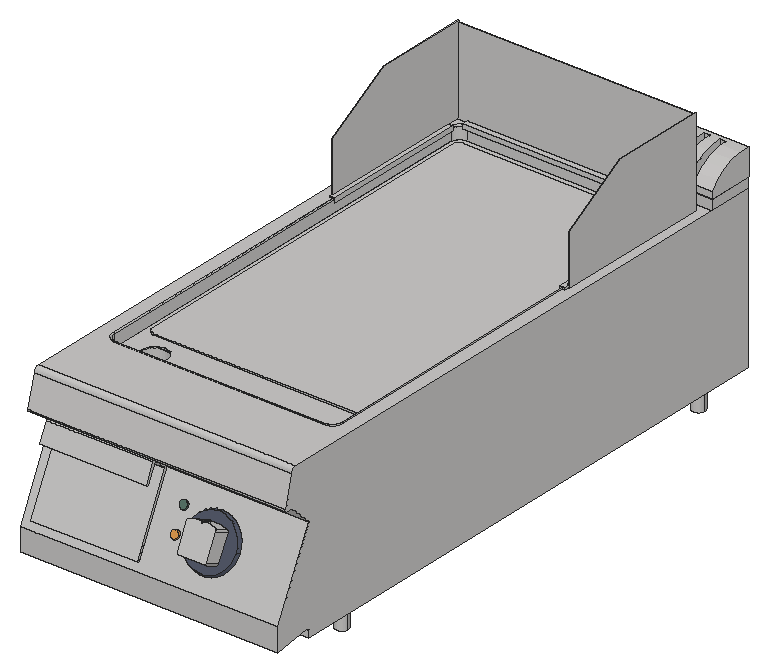
Revit family "QF_ZANUSSI_392072_Z9FTEDCS00", category Specialty Equipment, Revit 2018
Family settings
  Round Connector Dimension = Use Diameter
  Part Type = Normal
  Work Plane-Based = No
  Always vertical = Yes
  Cut with Voids When Loaded = No
  Shared = No
  Room Calculation Point = No
Parameters
  Width = 400 mm  # constant formula
  Weight in Pounds = 55  # constant formula
  Weight = 0.00 kg
  Watts = 0 W
  Volts = 400 V  # constant formula
  URL Manufacturer = "http://www.zanussiprofessional.com"
  URL Cutsheet = "www.electrolux.com"
  URL = "http://www.zanussiprofessional.com"
  Type Mark [instance] = ""
  Steam Supply Size = 0"
  Steam Supply Minimum Pressure = 0.00 psi
  Steam Supply Maximum Pressure = 0.00 psi
  Steam Pounds per Hour = 0
  Status [instance] = ""
  Specification by User [instance] = ""
  Specification by Manufacturer = ""
  Show Logo [instance] = yes
  Show Clearance [instance] = yes
  Serial Number = ""
  Seismic Rating = ""
  SMACNA No = ""
  Revision Code [instance] = ""
  Refrigeration Suction Line Size = 0"
  Refrigeration Liquid Line Size = 0"
  Refrigerant Compressor Remote = yes
  Phase = 3
  Omniclass Number and Title = ""
  Number of Poles [instance] = 1
  NAFEM Spec ID Number = ""
  Model = "Z9FTEDCS00"
  Min Ckt Ampacity = 0 A
  Max Overcurrent Protection = 0 A
  Masterspec = ""
  Manufacturer = "Zanussi"
  Length Actual = 400 mm  # constant formula
  Item Number [instance] = "392072"
  Installed By [instance] = ""
  Identify Quantity as Lot [instance] = yes
  Hot Water Size = 0"
  Height Actual = 250 mm  # constant formula
  HP = "10.1 HP"
  Gas Size = 0"
  Gas KW = 0
  Gas Input Pressure = 0.0 Btu/h
  Furnished By [instance] = ""
  Foodservice Equipment Identifier [instance] = yes
  FL Amps = if(Phase = 3, Watts / (Volts * 1.73), Watts / Volts)  # 0 A
  Electrical Remarks [instance] = "400 V/3N ph/50/60 Hz"  # constant formula
  Electric Connection Type [instance] = ""
  Elec Conn RI Height [instance] = 0 mm
  Elec Conn Connection Height [instance] = 0 mm
  Direct Waste Size = 0"
  Description = "EL.FRYTOP CHR.SMOOTH SLOPED PLATE 400 MM"
  Depth Actual = 900 mm  # constant formula
  Depth = 915 mm  # constant formula
  Cycle [instance] = if([60 Hertz Option], 60 Hz, 50 Hz)  # 60 Hz
  Conn Plug = ""
  Conn Conduit = yes
  Condensate Return Size = 0"
  Compressed Air Volume = 0 GPM
  Compressed Air Size = 0"
  Compressed Air Pressure = 0.00 psi
  Cold Water Size = 0"
  CSI MasterFormat = ""
  CSI Master Format = ""
  Apparent Power = if(Phase = 3, Volts * FL Amps * 1.73, Volts * FL Amps)  # 0 VA
  Accessory = yes
  60 Hertz Option [instance] = not([50 Hertz Option])  # yes
  50 Hertz Option [instance] = no
Reference planes
  plane 1 "BACK": y = 0
  plane 2: z = 0
  plane 3 "LEFT": x = 0
  plane 4 "RIGHT": x = 400
  plane 5 "FRONT": y = -915
  plane 6 "TOP": z = 274
  plane 7 "Center Y": x = 200
  plane 8 "Center X": y = -457.5
  plane 9: y = -1045
  plane 10: z = 24
  plane 11: z = 290
  plane 12: z = 410
  plane 13: x = 11
  plane 14: x = 389
Forms (mm)
  Extrusion 1, solid, material "QF_Finishes_Stainless Steel"
    sketch origin (0, 0, 0) x (0, 1, 0) y (0, 0, 1)
      loop
        line (0, 24) -> (0, 274) -> (-879.358, 274)
        arc (-879.358, 274) -> (-884.643, 271.811) -> (-886.833, 266.526) r 7.474
        line (-886.833, 266.526) -> (-899.884, 221.011)
        arc (-899.884, 221.011) -> (-899.396, 218.379) -> (-897, 217.184) r 3
        line (-897, 217.184) -> (-886.802, 217.184) -> (-854.982, 185.364) -> (-915, 64.508) -> (-915, 29.508) -> (-858.645, 37.428)
        arc (-858.645, 37.428) -> (-856.101, 36.674) -> (-855, 34.259) r 3.2
        line (-855, 34.259) -> (-855, 24) -> (0, 24)
    from 0 to 400
  Extrusion 2, solid, material "QF_Finishes_Stainless Steel"
    sketch origin (0, -1, 0) x (1, 0, 0) y (0, 1, 0)
      loop
        circle (11, -82) r 9.525
      loop
        circle (11, -775) r 9.525
      loop
        circle (389, -82) r 9.525
      loop
        circle (389, -775) r 9.525
    from 0 to 24
  Extrusion 3, solid, material "QF_Finishes_Stainless Steel"
    sketch origin (0, 0, 0.362) x (0, 1, 0) y (0, 0, 1)
      loop
        line (0, 289.638) -> (0, 331.354)
        arc (0, 331.354) -> (-38.768, 324.268) -> (-69.85, 300.038) r 82.671
        line (-69.85, 300.038) -> (-69.85, 289.638) -> (0, 289.638)
    from 0 to 400.05
  Extrusion 4, void
    sketch origin (0, 0, 275) x (0, -1, 0) y (1, 0, 0)
      loop
        line (6.761, 29.703) -> (63.911, 29.703) -> (63.911, 38.999) -> (6.761, 38.999) -> (6.761, 29.703)
      loop
        line (63.911, 64.487) -> (6.761, 64.487) -> (6.761, 55.191) -> (63.911, 55.191) -> (63.911, 64.487)
      loop
        line (63.911, 89.975) -> (6.761, 89.975) -> (6.761, 80.68) -> (63.911, 80.68) -> (63.911, 89.975)
      loop
        line (63.911, 115.464) -> (6.761, 115.464) -> (6.761, 106.168) -> (63.911, 106.168) -> (63.911, 115.464)
      loop
        line (63.911, 140.952) -> (6.761, 140.952) -> (6.761, 131.656) -> (63.911, 131.656) -> (63.911, 140.952)
      loop
        line (63.911, 166.44) -> (6.761, 166.44) -> (6.761, 157.145) -> (63.911, 157.145) -> (63.911, 166.44)
      loop
        line (63.911, 191.929) -> (6.761, 191.929) -> (6.761, 182.633) -> (63.911, 182.633) -> (63.911, 191.929)
      loop
        line (63.911, 217.417) -> (6.761, 217.417) -> (6.761, 208.121) -> (63.911, 208.121) -> (63.911, 217.417)
      loop
        line (63.911, 242.905) -> (6.761, 242.905) -> (6.761, 233.61) -> (63.911, 233.61) -> (63.911, 242.905)
      loop
        line (63.911, 268.394) -> (6.761, 268.394) -> (6.761, 259.098) -> (63.911, 259.098) -> (63.911, 268.394)
      loop
        line (63.911, 293.882) -> (6.761, 293.882) -> (6.761, 284.586) -> (63.911, 284.586) -> (63.911, 293.882)
      loop
        line (63.911, 319.37) -> (6.761, 319.37) -> (6.761, 310.075) -> (63.911, 310.075) -> (63.911, 319.37)
      loop
        line (63.911, 344.859) -> (6.761, 344.859) -> (6.761, 335.563) -> (63.911, 335.563) -> (63.911, 344.859)
      loop
        line (63.911, 370.347) -> (6.761, 370.347) -> (6.761, 361.051) -> (63.911, 361.051) -> (63.911, 370.347)
    from 25.4 to 63.5
  Extrusion 5, solid, material "QF_Finishes_Stainless Steel"
    sketch origin (0, 0, 274) x (0, -1, 0) y (1, 0, 0)
      loop
        line (69.85, 0) -> (69.85, 400) -> (0, 400) -> (0, 0) -> (69.85, 0)
    from 0 to 15
  Extrusion 6, solid, material "QF_Finishes_Stainless Steel"
    sketch origin (635, 190.152, 274) x (0, -1, 0) y (1, 0, 0)
      loop
        line (273.542, -252.03) -> (273.542, -617.97) -> (275.13, -617.97) -> (275.13, -252.03) -> (273.542, -252.03)
    from 0 to 135
  Extrusion 7, void
    sketch origin (0, 0, 274) x (0, -1, 0) y (1, 0, 0)
      loop
        arc (92.539, 37.03) -> (96.932, 26.423) -> (107.539, 22.03) r 15
        line (107.539, 22.03) -> (762.539, 22.03)
        arc (762.539, 22.03) -> (773.145, 26.423) -> (777.539, 37.03) r 15
        line (777.539, 37.03) -> (777.539, 362.97)
        arc (777.539, 362.97) -> (773.145, 373.577) -> (762.539, 377.97) r 15
        line (762.539, 377.97) -> (107.539, 377.97)
        arc (107.539, 377.97) -> (96.932, 373.577) -> (92.539, 362.97) r 15
        line (92.539, 362.97) -> (92.539, 37.03)
    from 0 to -21.588
  Sweep 8, solid, material "QF_Finishes_Stainless Steel"
    path origin (0, 0, 0) x (1, 0, 0) y (0, 1, 0)
      loop
        line (22.03, -107.539) -> (22.03, -762.539)
        arc (22.03, -762.539) -> (26.423, -773.145) -> (37.03, -777.539) r 15
        line (37.03, -777.539) -> (362.97, -777.539)
        arc (362.97, -777.539) -> (373.577, -773.145) -> (377.97, -762.539) r 15
        line (377.97, -762.539) -> (377.97, -107.539)
        arc (377.97, -107.539) -> (373.577, -96.932) -> (362.97, -92.539) r 15
        line (362.97, -92.539) -> (37.03, -92.539)
        arc (37.03, -92.539) -> (26.423, -96.932) -> (22.03, -107.539) r 15
    profile origin (22.03, -435.039, 0) x (1, 0, 0) y (0, 0, 1)
      loop
        line (0, 255) -> (1.588, 255) -> (1.588, 272.855)
        arc (1.588, 272.855) -> (1.147, 274.189) -> (0, 275) r 2.242
        line (0, 275) -> (0, 255)
  Extrusion 9, solid, material "QF_Finishes_Stainless Steel"
    sketch origin (0, 0, 0) x (1, 0, 0) y (0, 0, 1)
      loop
        line (17.03, 274.856) -> (23.926, 274.856) -> (23.926, 269.856) -> (25.514, 269.856) -> (25.514, 276.444) -> (17.03, 276.444) -> (17.03, 274.856)
      loop
        line (382.97, 274.856) -> (382.97, 276.444) -> (374.486, 276.444) -> (374.486, 269.856) -> (376.074, 269.856) -> (376.074, 274.856) -> (382.97, 274.856)
    from 105.541 to 335.39
  Extrusion 10, solid, material "QF_Finishes_Stainless Steel"
    sketch origin (0, 0, 0) x (0, 1, 0) y (0, 0, 1)
      loop
        line (-94.126, 269.856) -> (-94.126, 274.856) -> (-84.978, 274.856) -> (-84.978, 276.444) -> (-95.714, 276.444) -> (-95.714, 269.856) -> (-94.126, 269.856)
    from 32.03 to 367.97
  Extrusion 11, solid, material "QF_Finishes_Stainless Steel"
    sketch origin (0, 0, 24) x (-1, 0, 0) y (0, 1, 0)
      loop
        circle (-340, -570) r 6.35
    from 0 to 5
  Extrusion 12, solid, material "QF_Clearances", visible <- "Show Clearance", detail levels coarse
    sketch origin (0, 0, 0) x (1, 0, 0) y (0, 1, 0)
      loop
        line (0, 0) -> (400, 0) -> (400, -915) -> (500, -915) -> (500, 100) -> (-100, 100) -> (-100, -915) -> (0, -915) -> (0, 0)
    from 0 to 410
  Extrusion 13, solid, material "QF_Finishes_Stainless Steel"
    sketch origin (0, 0, 0) x (0, 1, 0) y (0, 0, 1)
      loop
        line (-777.539, 254) -> (-777.539, 252.413) -> (-92.539, 252.413) -> (-92.539, 254) -> (-777.539, 254)
    from 22.03 to 377.97
  Extrusion 14, void
    sketch origin (0, 0, 0) x (1, 0, 0) y (0, 1, 0)
      loop
        circle (71.879, -743.736) r 20
    from 235.859 to 256.719
  Extrusion 15, solid, material "QF_Finishes_Stainless Steel"
    sketch origin (0, 0, 0) x (0, 1, 0) y (0, 0, 1)
      loop
        line (-83.39, 410) -> (-227.89, 410) -> (-327.89, 352.265) -> (-327.89, 274) -> (-83.39, 274) -> (-83.39, 410)
    from 15.442 to 17.03
  Extrusion 16, solid, material "QF_Finishes_Stainless Steel"
    sketch origin (400, 0, 0) x (0, 1, 0) y (0, 0, -1)
      loop
        line (-83.39, -410) -> (-83.39, -274) -> (-327.89, -274) -> (-327.89, -352.265) -> (-227.89, -410) -> (-83.39, -410)
    from 15.442 to 17.03
  Extrusion 17, solid, material "QF_Finishes_Stainless Steel"
    sketch origin (23.617, -107.539, 255) x (-1, 0, 0) y (0, 1, 0)
      loop
        arc (-18.413, -600) -> (-11.341, -597.071) -> (-8.413, -590) r 10
        line (-8.413, -590) -> (-8.413, -7.867)
        arc (-8.413, -7.867) -> (-11.341, -0.796) -> (-18.412, 2.133) r 10
        line (-18.412, 2.133) -> (-334.353, 2.133)
        arc (-334.353, 2.133) -> (-341.425, -0.796) -> (-344.353, -7.867) r 10
        line (-344.353, -7.867) -> (-344.353, -590)
        arc (-344.353, -590) -> (-341.425, -597.071) -> (-334.353, -600) r 10
        line (-334.353, -600) -> (-18.413, -600)
    from 0 to -2
  Extrusion 18, solid, material "QF_Finishes_Stainless Steel"
    sketch origin (0, -214.132, -0.464) x (0, 1, 0) y (0, 0, 1)
      loop
        line (-640.85, 185.828) -> (-659.988, 204.966)
        arc (-659.988, 204.966) -> (-664.455, 206.368) -> (-668.159, 203.504) r 5.058
        line (-668.159, 203.504) -> (-680.821, 175.994) -> (-677.937, 174.666) -> (-665.275, 202.176)
        arc (-665.275, 202.176) -> (-663.896, 203.243) -> (-662.233, 202.721) r 1.883
        line (-662.233, 202.721) -> (-644.727, 185.215) -> (-698.248, 77.444) -> (-695.339, 76.105) -> (-640.85, 185.828)
    from 15 to 180
  Extrusion 19, solid, material "QF_Finishes_Drawer Clearance", visible <- "Show Clearance", detail levels coarse
    sketch origin (0, -315.732, -0.464) x (0, 1, 0) y (0, 0, 1)
      loop
        line (-726.181, 76.105) -> (-593.739, 76.105) -> (-539.25, 185.828) -> (-558.388, 204.966)
        arc (-558.388, 204.966) -> (-560.449, 206.215) -> (-562.855, 206.368) r 5.058
        line (-562.855, 206.368) -> (-695.296, 206.368)
        arc (-695.296, 206.368) -> (-697.5, 205.39) -> (-699, 203.504) r 5.058
        line (-699, 203.504) -> (-711.662, 175.994) -> (-708.778, 174.666) -> (-696.116, 202.176)
        arc (-696.116, 202.176) -> (-694.737, 203.243) -> (-693.074, 202.721) r 1.883
        line (-693.074, 202.721) -> (-675.569, 185.215) -> (-729.089, 77.444) -> (-726.181, 76.105)
    from 15 to 180
  Blend 20, solid, material "QF_Finishes_Navy Blue"
    base sketch origin (275, -884.991, 124.936) x (1, 0, 0) y (0, 0.444781, 0.895639)
      loop
        circle (0, 0) r 42.5
    top sketch origin (275, -884.991, 124.936) x (1, 0, 0) y (0, 0.444781, 0.895639)
      loop
        circle (0, 0) r 40.5
    from 0 to 5
  Extrusion 21, solid, material "QF_Finishes_Stainless Steel"
    sketch origin (275, -884.991, 124.936) x (1, 0, 0) y (0, 0.444781, 0.895639)
      loop
        arc (-21.147, 22.789) -> (-22.494, 21.685) -> (-23, 20.019) r 2.997
        line (-23, 20.019) -> (-23, -20.019)
        arc (-23, -20.019) -> (-22.122, -22.138) -> (-20.003, -23.016) r 2.997
        line (-20.003, -23.016) -> (20.003, -23.016)
        arc (20.003, -23.016) -> (22.122, -22.138) -> (23, -20.019) r 2.997
        line (23, -20.019) -> (23, 20.019)
        arc (23, 20.019) -> (22.494, 21.685) -> (21.147, 22.789) r 2.997
        arc (21.147, 22.789) -> (0, 26.984) -> (-21.147, 22.789) r 55.4
    from 10 to 34
  Extrusion 22, solid, material "QF_Finishes_Stainless Steel"
    sketch origin (275, -884.991, 124.936) x (1, 0, 0) y (0, 0.444781, 0.895639)
      loop
        line (17.5, 17.5) -> (-17.5, 17.5) -> (-17.5, -17.5) -> (17.5, -17.5) -> (17.5, 17.5)
    from 5 to 10
  Extrusion 23, solid, material "QF_Plastic-Black-Matte"
    sketch origin (217.5, -884.991, 124.936) x (0, 0.444781, 0.895639) y (0, 0.895639, -0.444781)
      loop
        line (26.984, -34) -> (23.984, -34) -> (23.984, -35) -> (26.984, -35)
        arc (26.984, -35) -> (27.691, -34.707) -> (27.984, -34) r 1
        line (27.984, -34) -> (27.984, -19) -> (26.984, -19) -> (26.984, -34)
    from -58.5 to -56.5
  Extrusion 24, solid, material "QF_Finishes_DarkGreen"
    sketch origin (275, -871.138, 152.831) x (1, 0, 0) y (0, 0.444781, 0.895639)
      loop
        circle (-55.001, 0) r 6
    from 0 to 1.6
  Extrusion 25, solid, material "QF_Finishes_Orange"
    sketch origin (275, -888.072, 118.733) x (1, 0, 0) y (0, 0.444781, 0.895639)
      loop
        circle (-55.001, 0) r 6
    from 0 to 1.6
Cuts and joins
  Extrusion 4 cuts Extrusion 3
  Extrusion 7, Extrusion 14 cuts Extrusion 1
  Extrusion 14 cuts Extrusion 13
Lines and regions (mm)
  Split face 1
    outline origin (275, -889.469, 127.16) x (1, 0, 0) y (0, 0.444781, 0.895639)
      loop
        circle (-34, 0) r 1.5
  Split face 2
    outline origin (275, -889.469, 127.16) x (1, 0, 0) y (0, 0.444781, 0.895639)
      loop
        circle (-30.633, -14.752) r 1.5
  Split face 3
    outline origin (275, -889.469, 127.16) x (1, 0, 0) y (0, 0.444781, 0.895639)
      loop
        circle (-21.199, -26.582) r 1.5
  Split face 4
    outline origin (275, -889.469, 127.16) x (1, 0, 0) y (0, 0.444781, 0.895639)
      loop
        circle (-7.566, -33.148) r 1.5
  Split face 5
    outline origin (275, -889.469, 127.16) x (1, 0, 0) y (0, 0.444781, 0.895639)
      loop
        circle (7.566, -33.148) r 1.5
  Split face 6
    outline origin (275, -889.469, 127.16) x (1, 0, 0) y (0, 0.444781, 0.895639)
      loop
        circle (21.199, -26.582) r 1.5
  Split face 7
    outline origin (275, -889.469, 127.16) x (1, 0, 0) y (0, 0.444781, 0.895639)
      loop
        circle (30.633, -14.752) r 1.5
  Split face 8
    outline origin (275, -889.469, 127.16) x (1, 0, 0) y (0, 0.444781, 0.895639)
      loop
        circle (34, 0) r 1.5
  Split face 9
    outline origin (296.665, -886.175, 133.794) x (1, 0, 0) y (0, 0.444781, 0.895639)
      loop
        circle (-21.665, 26.582) r 1.5
  symbolic lines, style "QF_Clearances", visible <- "Show Clearance", detail levels coarse
    curve 1: line (500, -915, 0) -> (500, 100, 0)
    curve 2: line (500, 100, 0) -> (-100, 100, 0)
    curve 3: line (-100, 100, 0) -> (-100, -915, 0)
  symbolic lines, style "QF_Door-Drawer Clearances"
    curve 4: line (15, -915, 0) -> (15, -1045, 0)
    curve 5: line (15, -1045, 0) -> (180, -1045, 0)
    curve 6: line (180, -915, 0) -> (180, -1045, 0)
  symbolic lines
    curve 7: line (400, -915, 0) -> (400, 0, 0)
    curve 8: line (400, 0, 0) -> (0, 0, 0)
    curve 9: line (0, 0, 0) -> (0, -915, 0)
    curve 10: line (362.97, -777.539, 0) -> (37.03, -777.539, 0)
    curve 11: arc (37.03, -777.539, 0) -> (26.423, -773.145, 0) -> (22.03, -762.539, 0) r 15
    curve 12: line (22.03, -762.539, 0) -> (22.03, -327.89, 0)
    curve 13: arc (22.163, -105.541, 0) -> (25.387, -98.081, 0) -> (32.03, -93.397, 0) r 15
    curve 14: arc (367.97, -93.397, 0) -> (374.613, -98.081, 0) -> (377.837, -105.541, 0) r 15
    curve 15: line (377.97, -327.89, 0) -> (377.97, -762.539, 0)
    curve 16: arc (377.97, -762.539, 0) -> (373.577, -773.145, 0) -> (362.97, -777.539, 0) r 15
    curve 17: line (357.97, -707.539, 0) -> (42.03, -707.539, 0)
    curve 18: arc (42.03, -707.539, 0) -> (34.958, -704.61, 0) -> (32.03, -697.539, 0) r 10
    curve 19: line (32.03, -697.539, 0) -> (32.03, -115.406, 0)
    curve 20: arc (32.03, -115.406, 0) -> (34.958, -108.335, 0) -> (42.03, -105.406, 0) r 10
    curve 21: line (42.03, -105.406, 0) -> (357.97, -105.406, 0)
    curve 22: arc (357.97, -105.406, 0) -> (365.042, -108.335, 0) -> (367.97, -115.406, 0) r 10
    curve 23: line (367.97, -115.406, 0) -> (367.97, -697.539, 0)
    curve 24: arc (367.97, -697.539, 0) -> (365.042, -704.61, 0) -> (357.97, -707.539, 0) r 10
    curve 25: line (15.442, -83.39, 0) -> (15.442, -327.89, 0)
    curve 26: line (384.558, -83.39, 0) -> (15.442, -83.39, 0)
    curve 27: line (384.558, -327.89, 0) -> (384.558, -83.39, 0)
    curve 28: line (367.97, -95.714, 0) -> (367.97, -83.39, 0)
    curve 29: line (32.03, -95.714, 0) -> (367.97, -95.714, 0)
    curve 30: line (32.03, -83.39, 0) -> (32.03, -95.714, 0)
    curve 31: line (384.558, -105.541, 0) -> (374.486, -105.541, 0)
    curve 32: line (25.514, -327.89, 0) -> (25.514, -105.541, 0)
    curve 33: line (15.442, -327.89, 0) -> (25.514, -327.89, 0)
    curve 34: line (374.486, -105.541, 0) -> (374.486, -327.89, 0)
    curve 35: line (374.486, -327.89, 0) -> (384.558, -327.89, 0)
    curve 36: line (25.514, -105.541, 0) -> (15.442, -105.541, 0)
    curve 37: line (38.999, -6.761, 0) -> (38.999, -63.911, 0)
    curve 38: line (38.999, -63.911, 0) -> (29.703, -63.911, 0)
    curve 39: line (29.703, -63.911, 0) -> (29.703, -6.761, 0)
    curve 40: line (29.703, -6.761, 0) -> (38.999, -6.761, 0)
    curve 41: line (55.191, -63.911, 0) -> (55.191, -6.761, 0)
    curve 42: line (55.191, -6.761, 0) -> (64.487, -6.761, 0)
    curve 43: line (64.487, -6.761, 0) -> (64.487, -63.911, 0)
    curve 44: line (64.487, -63.911, 0) -> (55.191, -63.911, 0)
    curve 45: line (89.975, -6.761, 0) -> (89.975, -63.911, 0)
    curve 46: line (89.975, -63.911, 0) -> (80.68, -63.911, 0)
    curve 47: line (80.68, -63.911, 0) -> (80.68, -6.761, 0)
    curve 48: line (80.68, -6.761, 0) -> (89.975, -6.761, 0)
    curve 49: line (115.464, -6.761, 0) -> (115.464, -63.911, 0)
    curve 50: line (115.464, -63.911, 0) -> (106.168, -63.911, 0)
    curve 51: line (106.168, -63.911, 0) -> (106.168, -6.761, 0)
    curve 52: line (106.168, -6.761, 0) -> (115.464, -6.761, 0)
    curve 53: line (140.952, -6.761, 0) -> (140.952, -63.911, 0)
    curve 54: line (140.952, -63.911, 0) -> (131.656, -63.911, 0)
    curve 55: line (131.656, -63.911, 0) -> (131.656, -6.761, 0)
    curve 56: line (131.656, -6.761, 0) -> (140.952, -6.761, 0)
    curve 57: line (166.44, -6.761, 0) -> (166.44, -63.911, 0)
    curve 58: line (166.44, -63.911, 0) -> (157.145, -63.911, 0)
    curve 59: line (157.145, -63.911, 0) -> (157.145, -6.761, 0)
    curve 60: line (157.145, -6.761, 0) -> (166.44, -6.761, 0)
    curve 61: line (191.929, -6.761, 0) -> (191.929, -63.911, 0)
    curve 62: line (191.929, -63.911, 0) -> (182.633, -63.911, 0)
    curve 63: line (182.633, -63.911, 0) -> (182.633, -6.761, 0)
    curve 64: line (182.633, -6.761, 0) -> (191.929, -6.761, 0)
    curve 65: line (208.121, -63.911, 0) -> (208.121, -6.761, 0)
    curve 66: line (208.121, -6.761, 0) -> (217.417, -6.761, 0)
    curve 67: line (217.417, -6.761, 0) -> (217.417, -63.911, 0)
    curve 68: line (217.417, -63.911, 0) -> (208.121, -63.911, 0)
    curve 69: line (367.97, -83.39, 0) -> (367.97, -95.714, 0)
    curve 70: line (361.001, -6.761, 0) -> (361.001, -63.911, 0)
    curve 71: line (361.001, -63.911, 0) -> (370.297, -63.911, 0)
    curve 72: line (370.297, -63.911, 0) -> (370.297, -6.761, 0)
    curve 73: line (370.297, -6.761, 0) -> (361.001, -6.761, 0)
    curve 74: line (344.809, -63.911, 0) -> (344.809, -6.761, 0)
    curve 75: line (344.809, -6.761, 0) -> (335.513, -6.761, 0)
    curve 76: line (335.513, -6.761, 0) -> (335.513, -63.911, 0)
    curve 77: line (335.513, -63.911, 0) -> (344.809, -63.911, 0)
    curve 78: line (310.025, -6.761, 0) -> (310.025, -63.911, 0)
    curve 79: line (310.025, -63.911, 0) -> (319.32, -63.911, 0)
    curve 80: line (319.32, -63.911, 0) -> (319.32, -6.761, 0)
    curve 81: line (319.32, -6.761, 0) -> (310.025, -6.761, 0)
    curve 82: line (284.536, -6.761, 0) -> (284.536, -63.911, 0)
    curve 83: line (284.536, -63.911, 0) -> (293.832, -63.911, 0)
    curve 84: line (293.832, -63.911, 0) -> (293.832, -6.761, 0)
    curve 85: line (293.832, -6.761, 0) -> (284.536, -6.761, 0)
    curve 86: line (259.048, -6.761, 0) -> (259.048, -63.911, 0)
    curve 87: line (259.048, -63.911, 0) -> (268.344, -63.911, 0)
    curve 88: line (268.344, -63.911, 0) -> (268.344, -6.761, 0)
    curve 89: line (268.344, -6.761, 0) -> (259.048, -6.761, 0)
    curve 90: line (233.56, -6.761, 0) -> (233.56, -63.911, 0)
    curve 91: line (233.56, -63.911, 0) -> (242.855, -63.911, 0)
    curve 92: line (242.855, -63.911, 0) -> (242.855, -6.761, 0)
    curve 93: line (242.855, -6.761, 0) -> (233.56, -6.761, 0)
    curve 94: arc (51.879, -743.736, 0) -> (71.879, -723.736, 0) -> (91.879, -743.736, 0) r 20
    curve 95: arc (51.879, -743.736, 0) -> (71.879, -763.736, 0) -> (91.879, -743.736, 0) r 20
    curve 96: line (0, -69.85, 0) -> (400, -69.85, 0)
    curve 97: line (252, -900, 0) -> (252, -924.347, 0)
    curve 98: arc (252, -924.347, 0) -> (252.146, -924.811, 0) -> (252.532, -925.107, 0) r 0.809
    curve 99: arc (252.532, -925.107, 0) -> (253.72, -925.587, 0) -> (254.997, -925.68, 0) r 4.127
    curve 100: arc (252, -904.292, 0) -> (246.959, -902.458, 0) -> (242.191, -900, 0) r 42.24
    curve 101: arc (252, -906.539, 0) -> (252.502, -905.818, 0) -> (253.299, -905.448, 0) r 1.682
    curve 102: arc (253.299, -905.448, 0) -> (263.602, -903.95, 0) -> (274, -903.441, 0) r 109.079
    curve 103: line (274, -900, 0) -> (274, -905.671, 0)
    curve 104: line (274, -905.671, 0) -> (276, -905.671, 0)
    curve 105: line (276, -905.671, 0) -> (276, -900, 0)
    curve 106: line (298, -900, 0) -> (298, -924.347, 0)
    curve 107: arc (298, -924.347, 0) -> (297.854, -924.811, 0) -> (297.468, -925.107, 0) r 0.809
    curve 108: arc (297.468, -925.107, 0) -> (296.28, -925.587, 0) -> (295.003, -925.68, 0) r 4.127
    curve 109: arc (298, -904.292, 0) -> (303.041, -902.458, 0) -> (307.809, -900, 0) r 42.24
    curve 110: arc (298, -906.539, 0) -> (297.498, -905.818, 0) -> (296.701, -905.448, 0) r 1.682
    curve 111: arc (296.701, -905.448, 0) -> (286.398, -903.95, 0) -> (276, -903.441, 0) r 109.079
    curve 112: line (254.997, -925.68, 0) -> (295.003, -925.68, 0)
    curve 113: line (298, -915, 276.225) -> (400.05, -915, 276.225)
    curve 114: line (0, -900, 276.225) -> (400.05, -900, 276.225)
    curve 115: line (0, -915, 276.225) -> (252, -915, 276.225)
    curve 116: line (15, -915, 276.225) -> (15, -900, 276.225)
    curve 117: line (180, -915, 276.225) -> (180, -900, 276.225)
Dimensions and locks
  equal spacing: plane 3 "LEFT", plane 7 "Center Y", plane 4 "RIGHT"
  "Width": plane 3 "LEFT" to plane 4 "RIGHT"
  equal spacing: plane 5 "FRONT", plane 8 "Center X", plane 1 "BACK"
  "Depth": plane 5 "FRONT" to plane 1 "BACK"
  plane 6 "TOP" to level = 274 mm
  plane 1 "BACK" to plane 9 = 1045 mm  (x2)
  plane 10 to level = 24 mm  (x2)
  plane 11 to plane 10 = 266 mm
  plane 6 "TOP" to plane 10 = 250 mm  (x2)
  plane 12 to level = 410 mm  (x2)
  plane 12 to plane 10 = 386 mm
  plane 13 to plane 3 "LEFT" = 11 mm
  locked: plane 14 to plane 4 "RIGHT" at 11
  plane 1 "BACK" to plane 5 "FRONT" = 915 mm
  Extrusion 11 to plane 10 = 5 mm
  plane 1 "BACK" to Extrusion 11 = 570 mm
  plane 1 "BACK" to Extrusion 2 to Extrusion 2 to plane 5 "FRONT" = 83 mm, 693 mm, 139 mm
  plane 13 to plane 14 = 378 mm
  plane 1 "BACK" to curve 2 = 100 mm
  plane 4 "RIGHT" to curve 1 = 100 mm
  curve 3 to plane 3 "LEFT" = 100 mm
  Extrusion 11 sketch curve to plane 4 "RIGHT" = 60 mm
  aligned and locked: level to plane 2
  aligned and locked: Extrusion 1 to plane 4 "RIGHT"
Automatic sketch dimensions
  Extrusion 1 sketch curve to plane 5 "FRONT" = 0 mm
  Extrusion 1 sketch curve to plane 6 "TOP" = 0 mm
  Extrusion 1 sketch curve to plane 10 = 0 mm
  Extrusion 1 sketch curve to plane 1 "BACK" = 0 mm
  Extrusion 1 sketch curve to plane 5 "FRONT" = 15.116 mm
  Extrusion 1 sketch curve to Extrusion 1 sketch curve = 2.884 mm
  Extrusion 1 sketch curve to plane 6 "TOP" = 7.474 mm
  Extrusion 1 sketch curve to plane 5 "FRONT" = 28.167 mm
  Extrusion 1 sketch curve to Extrusion 1 sketch curve = 10.198 mm
  plane 10 to Extrusion 1 sketch curve = 13.428 mm
  Extrusion 1 sketch curve to plane 5 "FRONT" = 56.355 mm
  Extrusion 1 sketch curve to Extrusion 1 sketch curve = 0.445 mm
  Extrusion 1 sketch curve to Extrusion 1 sketch curve = 3.2 mm
  Extrusion 1 sketch curve to Extrusion 1 sketch curve = 31.82 mm  (x2)
  plane 10 to Extrusion 1 sketch curve = 5.508 mm
  Extrusion 1 sketch curve to Extrusion 1 sketch curve = 35 mm
  Extrusion 1 sketch curve to Extrusion 1 sketch curve = 81.162 mm
  Extrusion 1 sketch curve to Extrusion 1 sketch curve = 3 mm
  Extrusion 2 sketch curve to plane 13 = 0 mm  (x2)
  Extrusion 2 sketch curve to plane 14 = 0 mm  (x2)
  Extrusion 2 sketch curve to plane 5 "FRONT" = 139 mm  (x2)
  plane 1 "BACK" to Extrusion 2 sketch curve = 83 mm  (x2)
  Extrusion 3 sketch curve to plane 11 = 0 mm
  Extrusion 3 sketch curve to plane 1 "BACK" = 0 mm
  plane 1 "BACK" to Extrusion 3 sketch curve = 4.947 mm
  plane 11 to Extrusion 3 sketch curve = 10.4 mm
  plane 1 "BACK" to Extrusion 3 sketch curve = 69.85 mm
  Extrusion 3 sketch curve to plane 6 "TOP" = 24.807 mm
  plane 1 "BACK" to Extrusion 4 sketch curve = 6.761 mm  (x14)
  plane 7 "Center Y" to Extrusion 4 sketch curve = 17.417 mm
  Extrusion 4 sketch curve to Extrusion 4 sketch curve = 57.15 mm
  Extrusion 4 sketch curve to plane 7 "Center Y" = 8.071 mm
  Extrusion 4 sketch curve to Extrusion 4 sketch curve = 0 mm  (x13)
  Extrusion 4 sketch curve to Extrusion 4 sketch curve = 9.296 mm  (x13)
  Extrusion 4 sketch curve to Extrusion 4 sketch curve = 16.193 mm  (x12)
  plane 7 "Center Y" to Extrusion 4 sketch curve = 8.121 mm
  plane 13 to Extrusion 6 sketch curve = 6.03 mm
  plane 1 "BACK" to Extrusion 6 sketch curve = 83.39 mm
  Extrusion 6 sketch curve to Extrusion 6 sketch curve = 1.588 mm
  plane 14 to Extrusion 6 sketch curve = 6.03 mm
  plane 13 to Extrusion 7 sketch curve = 26.03 mm
  plane 1 "BACK" to Extrusion 7 sketch curve = 92.539 mm
  plane 14 to Extrusion 7 sketch curve = 11.03 mm
  Extrusion 7 sketch curve to Extrusion 7 sketch curve = 15 mm  (x3)
  Extrusion 7 sketch curve to plane 5 "FRONT" = 152.461 mm  (x2)
  plane 13 to Sweep 8 sketch curve = 11.03 mm
  Sweep 8 sketch curve to Sweep 8 sketch curve = 15 mm  (x2)
  plane 14 to Sweep 8 sketch curve = 26.03 mm  (x2)
  plane 14 to Sweep 8 sketch curve = 11.03 mm
  Sweep 8 sketch curve to plane 5 "FRONT" = 137.461 mm
  plane 1 "BACK" to Sweep 8 sketch curve = 107.539 mm
  profile plane to Sweep 8 sketch curve = 0 mm
  profile plane to Sweep 8 sketch curve = 0.655 mm
  Sweep 8 sketch curve to profile plane = 1.588 mm
  level to Sweep 8 sketch curve = 255 mm
  Sweep 8 sketch curve to Sweep 8 sketch curve = 17.855 mm
  plane 6 "TOP" to Extrusion 9 sketch curve = 0.856 mm  (x2)
  plane 13 to Extrusion 9 sketch curve = 6.03 mm
  Extrusion 9 sketch curve to plane 6 "TOP" = 4.144 mm  (x2)
  Extrusion 9 sketch curve to Extrusion 9 sketch curve = 6.896 mm
  Extrusion 9 sketch curve to Extrusion 9 sketch curve = 1.588 mm  (x3)
  plane 14 to Extrusion 9 sketch curve = 14.514 mm
  plane 6 "TOP" to Extrusion 9 sketch curve = 2.444 mm
  plane 14 to Extrusion 9 sketch curve = 6.03 mm
  plane 6 "TOP" to Extrusion 10 sketch curve = 2.444 mm
  plane 1 "BACK" to Extrusion 10 sketch curve = 95.714 mm
  Extrusion 10 sketch curve to Extrusion 10 sketch curve = 1.588 mm
  Extrusion 10 sketch curve to Extrusion 10 sketch curve = 9.149 mm
  plane 6 "TOP" to Extrusion 10 sketch curve = 0.856 mm
  Extrusion 10 sketch curve to plane 6 "TOP" = 4.144 mm
  Extrusion 13 sketch curve to plane 6 "TOP" = 21.587 mm
  Extrusion 13 sketch curve to plane 5 "FRONT" = 137.461 mm
  plane 1 "BACK" to Extrusion 13 sketch curve = 92.539 mm
  Extrusion 13 sketch curve to Extrusion 13 sketch curve = 1.587 mm
  plane 13 to Extrusion 14 sketch curve = 60.879 mm
  Extrusion 14 sketch curve to plane 5 "FRONT" = 171.264 mm
  Extrusion 15 sketch curve to plane 6 "TOP" = 0 mm
  Extrusion 15 sketch curve to plane 12 = 0 mm
  Extrusion 15 sketch curve to plane 12 = 57.735 mm
  plane 8 "Center X" to Extrusion 15 sketch curve = 129.61 mm
  Extrusion 15 sketch curve to Extrusion 15 sketch curve = 100 mm
  plane 1 "BACK" to Extrusion 15 sketch curve = 83.39 mm
  Extrusion 16 sketch curve to plane 6 "TOP" = 0 mm
  Extrusion 16 sketch curve to plane 12 = 0 mm
  Extrusion 16 sketch curve to plane 12 = 57.735 mm
  plane 8 "Center X" to Extrusion 16 sketch curve = 129.61 mm
  Extrusion 16 sketch curve to Extrusion 16 sketch curve = 100 mm
  plane 1 "BACK" to Extrusion 16 sketch curve = 83.39 mm
  Sweep 8 to Extrusion 17 sketch curve = 8.413 mm  (x2)
  Extrusion 17 sketch curve to Extrusion 17 sketch curve = 10 mm  (x2)
  Sweep 8 to Extrusion 17 sketch curve = 18.412 mm
  Sweep 8 to Extrusion 17 sketch curve = 18.413 mm
  Sweep 8 to Extrusion 17 sketch curve = 11.28 mm
  Sweep 8 to Extrusion 17 sketch curve = 78.413 mm
  Extrusion 18 sketch curve to Extrusion 18 sketch curve = 0 mm  (x2)
  Extrusion 18 sketch curve to plane 5 "FRONT" = 2.621 mm
  Extrusion 18 sketch curve to Extrusion 18 sketch curve = 2.908 mm
  Extrusion 18 sketch curve to plane 5 "FRONT" = 20.047 mm
  Extrusion 18 sketch curve to Extrusion 18 sketch curve = 2.884 mm  (x2)
  Extrusion 18 sketch curve to Extrusion 18 sketch curve = 12.662 mm
  Extrusion 18 sketch curve to Extrusion 18 sketch curve = 1.711 mm
  Extrusion 18 sketch curve to Extrusion 18 sketch curve = 1.332 mm
  Extrusion 18 sketch curve to Extrusion 18 sketch curve = 2.245 mm
  Extrusion 18 sketch curve to Extrusion 18 sketch curve = 17.505 mm
  Extrusion 18 sketch curve to Extrusion 18 sketch curve = 3.877 mm
  plane 10 to Extrusion 18 sketch curve = 51.641 mm
  Extrusion 18 sketch curve to Extrusion 18 sketch curve = 1.339 mm
  Extrusion 18 sketch curve to Extrusion 18 sketch curve = 97.223 mm
  Extrusion 18 sketch curve to Extrusion 18 sketch curve = 1.327 mm
  Extrusion 18 sketch curve to Extrusion 18 sketch curve = 16.961 mm
  Extrusion 18 sketch curve to Extrusion 18 sketch curve = 0.613 mm
  Extrusion 18 sketch curve to Extrusion 18 sketch curve = 0.787 mm
  Extrusion 19 sketch curve to Extrusion 19 sketch curve = 0 mm  (x2)
  plane 9 to Extrusion 19 sketch curve = 0.179 mm
  plane 9 to Extrusion 19 sketch curve = 3.087 mm
  plane 9 to Extrusion 19 sketch curve = 17.606 mm
  Extrusion 19 sketch curve to Extrusion 19 sketch curve = 2.884 mm  (x2)
  plane 9 to Extrusion 19 sketch curve = 30.268 mm
  Extrusion 19 sketch curve to Extrusion 19 sketch curve = 0.82 mm
  Extrusion 19 sketch curve to Extrusion 19 sketch curve = 1.711 mm
  Extrusion 19 sketch curve to Extrusion 19 sketch curve = 1.332 mm
  Extrusion 19 sketch curve to Extrusion 19 sketch curve = 17.505 mm
  Extrusion 19 sketch curve to plane 5 "FRONT" = 5.529 mm
  Extrusion 19 sketch curve to plane 5 "FRONT" = 36.413 mm
  Extrusion 19 sketch curve to Extrusion 19 sketch curve = 0.891 mm
  Extrusion 19 sketch curve to Extrusion 19 sketch curve = 4.467 mm
  Extrusion 19 sketch curve to Extrusion 19 sketch curve = 19.137 mm
  plane 10 to Extrusion 19 sketch curve = 51.641 mm
  Extrusion 19 sketch curve to Extrusion 19 sketch curve = 1.339 mm
  Extrusion 19 sketch curve to Extrusion 19 sketch curve = 97.223 mm
  Extrusion 19 sketch curve to Extrusion 19 sketch curve = 1.327 mm
  Extrusion 19 sketch curve to Extrusion 19 sketch curve = 16.961 mm
  Extrusion 19 sketch curve to plane 6 "TOP" = 88.636 mm
  Extrusion 19 sketch curve to Extrusion 19 sketch curve = 0.787 mm
  Extrusion 19 sketch curve to Extrusion 19 sketch curve = 4.979 mm
  plane 7 "Center Y" to Blend 20 sketch curve = 75 mm  (x2)
  plane 7 "Center Y" to Extrusion 21 sketch curve = 52 mm
  Extrusion 21 sketch curve to Extrusion 21 sketch curve = 2.997 mm  (x3)
  Extrusion 21 sketch curve to Extrusion 21 sketch curve = 20.003 mm  (x2)
  Extrusion 21 sketch curve to Extrusion 21 sketch curve = 40.005 mm
  Extrusion 21 sketch curve to Extrusion 21 sketch curve = 5.399 mm
  Extrusion 21 sketch curve to Extrusion 21 sketch curve = 40.037 mm
  Extrusion 21 sketch curve to Extrusion 21 sketch curve = 0 mm  (x2)
  plane 7 "Center Y" to Extrusion 22 sketch curve = 57.5 mm
  Extrusion 22 sketch curve to Extrusion 22 sketch curve = 35 mm  (x2)
  Extrusion 23 sketch curve to plane 5 "FRONT" = 9.329 mm
  Extrusion 23 sketch curve to plane 6 "TOP" = 112.016 mm
  Extrusion 23 sketch curve to Extrusion 23 sketch curve = 3 mm
  Extrusion 23 sketch curve to Extrusion 23 sketch curve = 0 mm
  Extrusion 23 sketch curve to Extrusion 23 sketch curve = 1 mm  (x2)
  Extrusion 23 sketch curve to Extrusion 23 sketch curve = 15 mm
  plane 7 "Center Y" to Extrusion 24 sketch curve = 19.999 mm
  plane 7 "Center Y" to Extrusion 25 sketch curve = 19.999 mm
  curve 94 to curve 95 = 0 mm  (x2)
  curve 9 to plane 3 "LEFT" = 0 mm
  curve 5 to plane 9 = 0 mm
  plane 13 to curve 5 = 4 mm
  plane 5 "FRONT" to curve 6 = 0 mm
  plane 1 "BACK" to curve 8 = 0 mm
  curve 8 to plane 4 "RIGHT" = 0 mm
  plane 5 "FRONT" to curve 4 = 0 mm
  plane 5 "FRONT" to curve 3 = 0 mm
  plane 5 "FRONT" to curve 7 = 0 mm
  plane 5 "FRONT" to curve 9 = 0 mm
  plane 5 "FRONT" to curve 1 = 0 mm
  plane 13 to curve 25 = 4.442 mm
  plane 13 to curve 12 = 11.03 mm
  curve 12 to curve 33 = 3.484 mm
  plane 1 "BACK" to curve 40 = 6.761 mm
  plane 13 to curve 40 = 18.703 mm
  plane 13 to curve 19 = 21.03 mm
  curve 32 to curve 30 = 6.516 mm
  curve 11 to curve 11 = 15 mm
  curve 20 to curve 13 = 5 mm
  curve 39 to curve 37 = 9.296 mm
  curve 19 to curve 18 = 10 mm
  curve 13 to curve 21 = 5 mm
  curve 37 to curve 44 = 16.193 mm
  curve 41 to curve 43 = 9.296 mm
  curve 11 to curve 94 = 34.849 mm
  plane 1 "BACK" to curve 48 = 6.761 mm
  curve 42 to curve 48 = 16.193 mm
  curve 46 to curve 46 = 9.296 mm
  curve 45 to curve 50 = 16.193 mm
  curve 50 to curve 50 = 9.296 mm
  plane 1 "BACK" to curve 55 = 6.761 mm
  curve 49 to curve 55 = 16.193 mm
  curve 54 to curve 53 = 9.296 mm
  plane 1 "BACK" to curve 59 = 6.761 mm
  curve 53 to curve 59 = 16.193 mm
  curve 58 to curve 57 = 9.296 mm
  curve 5 to plane 7 "Center Y" = 20 mm
  curve 57 to curve 63 = 16.193 mm
  curve 62 to plane 7 "Center Y" = 8.071 mm
  plane 7 "Center Y" to curve 65 = 8.121 mm
  curve 65 to curve 67 = 9.296 mm
  curve 67 to curve 90 = 16.143 mm
  curve 90 to curve 92 = 9.296 mm
  plane 5 "FRONT" to curve 97 = 9.347 mm
  plane 7 "Center Y" to curve 97 = 52 mm
  curve 97 to curve 98 = 0.809 mm
  curve 101 to curve 101 = 1.583 mm
  curve 98 to curve 99 = 1.846 mm
  curve 98 to curve 112 = 2.189 mm
  plane 1 "BACK" to curve 86 = 6.761 mm
  curve 92 to curve 86 = 16.193 mm
  curve 97 to curve 100 = 11.892 mm
  curve 86 to curve 89 = 9.296 mm
  curve 104 to plane 5 "FRONT" = 9.329 mm
  curve 101 to curve 104 = 20.417 mm
  plane 7 "Center Y" to curve 102 = 74.131 mm
  curve 102 to curve 111 = 1.738 mm
  curve 103 to curve 104 = 2 mm
  plane 1 "BACK" to curve 82 = 6.761 mm
  curve 88 to curve 82 = 16.193 mm
  curve 100 to curve 109 = 22.215 mm
  curve 82 to curve 84 = 9.296 mm
  curve 104 to curve 112 = 19.003 mm
  curve 108 to curve 108 = 0.343 mm
  curve 108 to curve 110 = 1.071 mm
  curve 108 to curve 107 = 2.189 mm
  curve 107 to curve 106 = 0.809 mm
  curve 83 to curve 78 = 16.193 mm
  curve 78 to curve 81 = 9.296 mm
  plane 1 "BACK" to curve 76 = 6.761 mm
  curve 80 to curve 76 = 16.193 mm
  curve 75 to curve 74 = 9.296 mm
  plane 14 to curve 24 = 31.03 mm
  plane 14 to curve 22 = 31.03 mm
  curve 74 to curve 71 = 16.193 mm
  curve 21 to curve 14 = 5 mm
  plane 14 to curve 10 = 26.03 mm
  curve 14 to curve 23 = 5 mm
  curve 14 to curve 69 = 5 mm
  curve 70 to curve 72 = 9.296 mm
  plane 14 to curve 35 = 14.514 mm
  plane 14 to curve 15 = 11.03 mm
  plane 14 to curve 35 = 4.442 mm
  plane 9 to curve 111 = 32.481 mm
  curve 102 to curve 111 = 0 mm
  plane 5 "FRONT" to curve 112 = 10.68 mm
  curve 108 to curve 107 = 1.333 mm
  curve 98 to curve 99 = 2.779 mm
  curve 107 to curve 108 = 2.779 mm
  curve 110 to plane 5 "FRONT" = 7.894 mm
  curve 101 to plane 5 "FRONT" = 7.894 mm
  curve 103 to curve 100 = 41.91 mm
  curve 100 to curve 109 = 0 mm
  curve 10 to plane 5 "FRONT" = 137.461 mm
  curve 11 to curve 94 = 18.803 mm
  curve 94 to curve 17 = 36.197 mm
  plane 8 "Center X" to curve 27 = 129.61 mm
  plane 8 "Center X" to curve 33 = 129.61 mm
  curve 20 to curve 37 = 108.645 mm
  curve 13 to curve 21 = 2.133 mm
  curve 14 to curve 21 = 2.133 mm
  curve 14 to curve 34 = 1.998 mm
  curve 13 to curve 36 = 1.998 mm
  curve 32 to curve 30 = 9.827 mm
  curve 29 to curve 26 = 12.325 mm
  curve 59 to curve 59 = 57.15 mm
  curve 50 to curve 58 = 0 mm
  curve 57 to curve 61 = 0 mm
  curve 30 to curve 38 = 19.479 mm
  curve 61 to curve 65 = 0 mm
  curve 49 to curve 54 = 0 mm
  curve 37 to curve 41 = 0 mm
  curve 28 to curve 70 = 19.479 mm
  curve 43 to curve 47 = 0 mm
  curve 74 to curve 70 = 0 mm
  curve 78 to curve 76 = 0 mm
  curve 67 to curve 92 = 0 mm
  curve 82 to curve 78 = 0 mm
  curve 88 to curve 82 = 0 mm
  plane 1 "BACK" to curve 90 = 6.761 mm
  plane 1 "BACK" to curve 81 = 6.761 mm
  plane 1 "BACK" to curve 73 = 6.761 mm
  plane 1 "BACK" to curve 67 = 6.761 mm
  plane 1 "BACK" to curve 64 = 6.761 mm
  plane 1 "BACK" to curve 52 = 6.761 mm
  plane 1 "BACK" to curve 41 = 6.761 mm
  curve 13 to curve 32 = 3.351 mm
  curve 94 to curve 94 = 20 mm
  curve 100 to curve 97 = 9.809 mm
  curve 101 to curve 101 = 0.284 mm
  curve 110 to curve 110 = 0.284 mm
  curve 106 to curve 109 = 9.809 mm
  curve 31 to curve 14 = 3.351 mm
  curve 110 to curve 110 = 0.567 mm
  curve 101 to curve 101 = 0.567 mm
  curve 101 to curve 100 = 1.156 mm
  curve 110 to curve 109 = 1.156 mm
  curve 109 to curve 106 = 4.292 mm
  curve 111 to curve 105 = 3.441 mm
  curve 103 to curve 105 = 0 mm
  curve 100 to curve 97 = 4.292 mm
  curve 26 to curve 96 = 13.54 mm
  plane 1 "BACK" to Extrusion 5 sketch curve = 0 mm
  Extrusion 5 sketch curve to plane 3 "LEFT" = 0 mm
  Extrusion 5 sketch curve to plane 4 "RIGHT" = 0 mm
  plane 1 "BACK" to Extrusion 5 sketch curve = 69.85 mm
  Extrusion 11 sketch curve to plane 8 "Center X" = 112.5 mm
  plane 5 "FRONT" to Extrusion 12 sketch curve = 0 mm  (x2)
  Extrusion 12 sketch curve to plane 3 "LEFT" = 0 mm
  Extrusion 12 sketch curve to plane 4 "RIGHT" = 0 mm
  plane 1 "BACK" to Extrusion 12 sketch curve = 0 mm
  Extrusion 12 sketch curve to plane 3 "LEFT" = 100 mm
  Extrusion 12 sketch curve to plane 4 "RIGHT" = 100 mm
  Extrusion 12 sketch curve to plane 1 "BACK" = 100 mm
  plane 5 "FRONT" to curve 113 = 0 mm
  plane 5 "FRONT" to curve 115 = 0 mm
  plane 13 to curve 116 = 4 mm
  curve 114 to plane 3 "LEFT" = 0 mm
  curve 115 to plane 3 "LEFT" = 0 mm
  curve 117 to plane 7 "Center Y" = 20 mm
  plane 7 "Center Y" to curve 115 = 52 mm
  curve 113 to curve 115 = 46 mm
  curve 114 to plane 4 "RIGHT" = 0.05 mm
  curve 113 to plane 4 "RIGHT" = 0.05 mm
  curve 117 to curve 117 = 15 mm
  radius of Extrusion 2 sketch curve = 9.525 mm  (x4)
  radius of Extrusion 14 sketch curve = 20 mm
  radius of Blend 20 sketch curve = 42.5 mm
  radius of Blend 20 sketch curve = 40.5 mm
  radius of Split face 1 sketch curve = 1.5 mm
  radius of Split face 2 sketch curve = 1.5 mm
  radius of Split face 3 sketch curve = 1.5 mm
  radius of Split face 4 sketch curve = 1.5 mm
  radius of Split face 5 sketch curve = 1.5 mm
  radius of Split face 6 sketch curve = 1.5 mm
  radius of Split face 7 sketch curve = 1.5 mm
  radius of Split face 8 sketch curve = 1.5 mm
  radius of Split face 9 sketch curve = 1.5 mm
  radius of Extrusion 24 sketch curve = 6 mm
  radius of Extrusion 25 sketch curve = 6 mm
  radius of Extrusion 11 sketch curve = 6.35 mm
Connectors
  electrical at (340, -570, 19), driven by "Volts", driven by "Watts"
    settings: on Extrusion 11, index 1, voltage 400 V, apparent load 0 VA, apparent load phase1 0 VA, apparent load phase2 0 VA, apparent load phase3 0 VA, power factor 1, load classification "Other", number of poles 1, system type 30, power factor state 1, is connector primary yes, connector utility no, sub classification motor no, connector description "ELECTRICAL CONNECTION"
